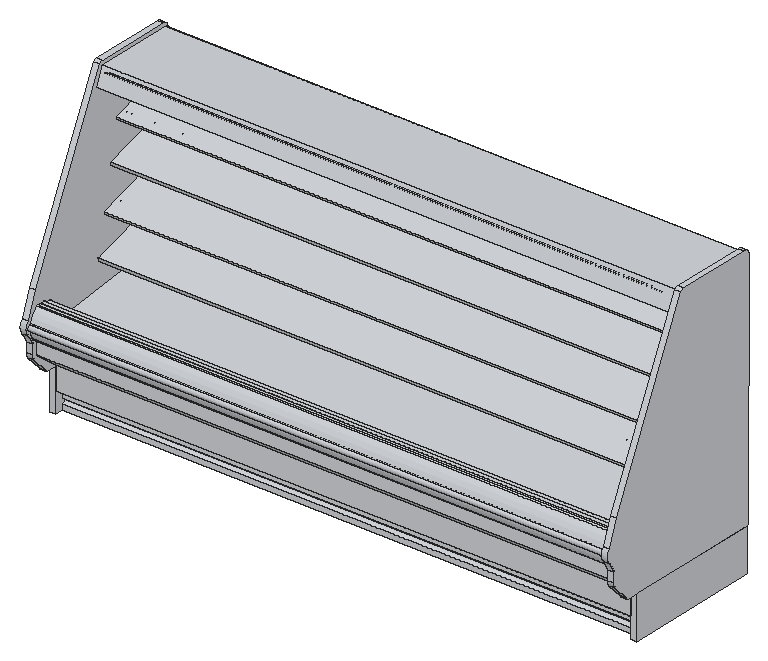
Revit family "O5UM-NRG", category Mechanical Equipment, Revit 2019 (continued)
Automatic sketch dimensions
  Extrusion 5 sketch curve to Extrusion 5 sketch curve = 0.35297"
  Extrusion 5 sketch curve to Extrusion 5 sketch curve = 0.14533"
  Extrusion 5 sketch curve to Extrusion 5 sketch curve = 0.19715"
  Extrusion 5 sketch curve to Extrusion 5 sketch curve = 0.02109"
  Extrusion 5 sketch curve to Extrusion 5 sketch curve = 3.10115"
  Extrusion 5 sketch curve to Extrusion 5 sketch curve = 0.31305"
  Extrusion 5 sketch curve to Extrusion 5 sketch curve = 0.02957"
  Extrusion 5 sketch curve to Extrusion 5 sketch curve = 0.11219"
  Extrusion 5 sketch curve to Extrusion 5 sketch curve = 0.33435"
  Extrusion 5 sketch curve to Extrusion 5 sketch curve = 0.99269"
  Extrusion 5 sketch curve to Extrusion 5 sketch curve = 3.4183"
  Extrusion 5 sketch curve to Extrusion 5 sketch curve = 0.24534"
  Extrusion 1 sketch curve to Extrusion 1 sketch curve = 6.05141"
  Extrusion 1 sketch curve to Extrusion 1 sketch curve = 6"
  Extrusion 1 sketch curve to Extrusion 1 sketch curve = 2.10699"
  Extrusion 1 sketch curve to Extrusion 1 sketch curve = 1.9528"
  Extrusion 1 sketch curve to Extrusion 1 sketch curve = 2 3/8"
  Extrusion 1 sketch curve to Extrusion 1 sketch curve = 17.26692"
  Extrusion 1 sketch curve to Extrusion 1 sketch curve = 6.0326"
  Extrusion 1 sketch curve to Extrusion 1 sketch curve = 7.79031"
  Extrusion 1 sketch curve to Extrusion 1 sketch curve = 1.05988"
  Extrusion 1 sketch curve to Extrusion 1 sketch curve = 1.08251"
  Extrusion 1 sketch curve to Extrusion 1 sketch curve = 3.20816"
  Extrusion 1 sketch curve to Extrusion 1 sketch curve = 5.99634"
  Extrusion 1 sketch curve to Extrusion 1 sketch curve = 1.95525"
  Extrusion 1 sketch curve to Extrusion 1 sketch curve = 50.77134"
  Extrusion 2 sketch curve to Extrusion 2 sketch curve = 0.2094"
  Extrusion 2 sketch curve to Extrusion 2 sketch curve = 1.9528"
  Extrusion 2 sketch curve to Extrusion 2 sketch curve = 2 3/8"
  Extrusion 2 sketch curve to Extrusion 2 sketch curve = 17.26692"
  Extrusion 2 sketch curve to Extrusion 2 sketch curve = 0.03488"
  Extrusion 2 sketch curve to Extrusion 2 sketch curve = 2.06844"
  Extrusion 2 sketch curve to Extrusion 2 sketch curve = 0.29958"
  Extrusion 2 sketch curve to Extrusion 2 sketch curve = 1.08251"
  Extrusion 2 sketch curve to Extrusion 2 sketch curve = 0.62931"
  Extrusion 2 sketch curve to Extrusion 2 sketch curve = 5.99634"
  Extrusion 2 sketch curve to Extrusion 2 sketch curve = 1.41347"
  Extrusion 2 sketch curve to Extrusion 2 sketch curve = 1.95525"
  Extrusion 2 sketch curve to Extrusion 2 sketch curve = 3.43739"
  Extrusion 2 sketch curve to Extrusion 2 sketch curve = 0.22678"
  Extrusion 2 sketch curve to Extrusion 2 sketch curve = 44.77965"
  Extrusion 3 sketch curve to Extrusion 3 sketch curve = 1.37293"
  Extrusion 3 sketch curve to Extrusion 3 sketch curve = 0.835"
  Extrusion 3 sketch curve to Extrusion 3 sketch curve = 1.35027"
  Extrusion 3 sketch curve to Extrusion 3 sketch curve = 0.41933"
  Extrusion 3 sketch curve to Extrusion 3 sketch curve = 1.64182"
  Extrusion 3 sketch curve to Extrusion 3 sketch curve = 0.00754"
  Extrusion 3 sketch curve to Extrusion 3 sketch curve = 0.0414"
  Extrusion 4 sketch curve to Extrusion 4 sketch curve = 0.02246"
  Extrusion 5 sketch curve to Extrusion 5 sketch curve = 0.35038"
  Extrusion 5 sketch curve to Extrusion 5 sketch curve = 1.76994"
  Extrusion 5 sketch curve to Extrusion 5 sketch curve = 4.54875"
  Extrusion 5 sketch curve to Extrusion 5 sketch curve = 0.0455"
  Extrusion 5 sketch curve to Extrusion 5 sketch curve = 1.9677"
  Extrusion 5 sketch curve to Extrusion 5 sketch curve = 3.12512"
  Extrusion 5 sketch curve to Extrusion 5 sketch curve = 0.12551"
  Extrusion 5 sketch curve to Extrusion 5 sketch curve = 0.0276"
  Extrusion 5 sketch curve to Extrusion 5 sketch curve = 0.05543"
  Extrusion 5 sketch curve to Extrusion 5 sketch curve = 221/256"
  Extrusion 5 sketch curve to Extrusion 5 sketch curve = 0.18385"
  Extrusion 5 sketch curve to Extrusion 5 sketch curve = 1.37445"
  Extrusion 5 sketch curve to Extrusion 5 sketch curve = 0.06341"
  Extrusion 5 sketch curve to Extrusion 5 sketch curve = 0.03162"
  Extrusion 5 sketch curve to Extrusion 5 sketch curve = 1.7963"
  Extrusion 7 sketch curve to Extrusion 7 sketch curve = 0"
  Extrusion 7 sketch curve to Extrusion 7 sketch curve = 1"
  Sweep 8 sketch curve to Sweep 8 sketch curve = 1 1/2"
  profile plane to Sweep 8 sketch curve = 4.83765"
  Sweep 8 sketch curve to Sweep 8 sketch curve = 3.94515"
  Sweep 8 sketch curve to Sweep 8 sketch curve = 0.88641"
  Sweep 8 sketch curve to Sweep 8 sketch curve = 4.07095"
  Sweep 8 sketch curve to Sweep 8 sketch curve = 5.88865"
  Sweep 9 sketch curve to Sweep 9 sketch curve = 1 1/2"
  profile plane to Sweep 9 sketch curve = 4.83765"
  Sweep 9 sketch curve to Sweep 9 sketch curve = 0.32955"
  Sweep 9 sketch curve to Sweep 9 sketch curve = 3.94515"
  Sweep 9 sketch curve to Sweep 9 sketch curve = 4.07095"
  Sweep 9 sketch curve to Sweep 9 sketch curve = 5.88865"
  Extrusion 10 sketch curve to Extrusion 10 sketch curve = 3.68643"
  Extrusion 10 sketch curve to Extrusion 10 sketch curve = 0.92161"
  Extrusion 11 sketch curve to Extrusion 11 sketch curve = 4.24595"
  Extrusion 11 sketch curve to Extrusion 11 sketch curve = 2.33334"
  Extrusion 11 sketch curve to Extrusion 11 sketch curve = 0.42073"
  Extrusion 12 sketch curve to Extrusion 12 sketch curve = 28.11677"
  Extrusion 12 sketch curve to Extrusion 12 sketch curve = 1.75613"
  Extrusion 12 sketch curve to Extrusion 12 sketch curve = 9.18575"
  Extrusion 13 sketch curve to Extrusion 13 sketch curve = 0.70168"
  Extrusion 13 sketch curve to Extrusion 13 sketch curve = 0.37174"
  Extrusion 13 sketch curve to Extrusion 13 sketch curve = 0.1785"
  Extrusion 13 sketch curve to Extrusion 13 sketch curve = 5.83602"
  Sweep 14 sketch curve to Sweep 14 sketch curve = 1 1/2"
  Sweep 14 sketch curve to profile plane = 5.87453"
  profile plane to Sweep 14 sketch curve = 4.81297"
  Sweep 15 sketch curve to Sweep 15 sketch curve = 1 1/2"
  Sweep 15 sketch curve to profile plane = 5.87453"
  profile plane to Sweep 15 sketch curve = 4.81297"
  Extrusion 17 sketch curve to Extrusion 17 sketch curve = 1.949"
  Extrusion 17 sketch curve to Extrusion 17 sketch curve = 0.08402"
  Extrusion 17 sketch curve to Extrusion 17 sketch curve = 0.32425"
  Extrusion 17 sketch curve to Extrusion 17 sketch curve = 0.5189"
  Extrusion 17 sketch curve to Extrusion 17 sketch curve = 0.07691"
  Extrusion 17 sketch curve to Extrusion 17 sketch curve = 1.67492"
  Extrusion 17 sketch curve to Extrusion 17 sketch curve = 0.217"
  Extrusion 17 sketch curve to Extrusion 17 sketch curve = 0.18427"
  Extrusion 17 sketch curve to Extrusion 17 sketch curve = 0.00293"
  Extrusion 17 sketch curve to Extrusion 17 sketch curve = 0.29958"
  Extrusion 17 sketch curve to Extrusion 17 sketch curve = 0.00269"
  Extrusion 17 sketch curve to Extrusion 17 sketch curve = 1.21671"
  Extrusion 17 sketch curve to Extrusion 17 sketch curve = 3.43727"
  Extrusion 18 sketch curve to Extrusion 18 sketch curve = 0.79094"
  Extrusion 18 sketch curve to Extrusion 18 sketch curve = 0.835"
  Extrusion 18 sketch curve to Extrusion 18 sketch curve = 1/8"
  Extrusion 18 sketch curve to Extrusion 18 sketch curve = 1.70646"
  Extrusion 18 sketch curve to Extrusion 18 sketch curve = 2.18752"
  Extrusion 18 sketch curve to Extrusion 18 sketch curve = 1.72413"
  Extrusion 18 sketch curve to Extrusion 18 sketch curve = 2.08835"
  Extrusion 18 sketch curve to Extrusion 18 sketch curve = 0.08402"
  Extrusion 18 sketch curve to Extrusion 18 sketch curve = 0.32425"
  Extrusion 18 sketch curve to Extrusion 18 sketch curve = 0.5189"
  Extrusion 18 sketch curve to Extrusion 18 sketch curve = 0.07691"
  Extrusion 18 sketch curve to Extrusion 18 sketch curve = 1.67492"
  Extrusion 18 sketch curve to Extrusion 18 sketch curve = 0.217"
  Extrusion 18 sketch curve to Extrusion 18 sketch curve = 0.23684"
  Extrusion 18 sketch curve to Extrusion 18 sketch curve = 0.01915"
  Extrusion 18 sketch curve to Extrusion 18 sketch curve = 3.22732"
  Extrusion 18 sketch curve to Extrusion 18 sketch curve = 1/2"
  Extrusion 18 sketch curve to Extrusion 18 sketch curve = 0.00269"
  Extrusion 18 sketch curve to Extrusion 18 sketch curve = 0.00293"
  Extrusion 18 sketch curve to Extrusion 18 sketch curve = 0.1872"
  Extrusion 18 sketch curve to Extrusion 18 sketch curve = 1.21671"
  Extrusion 18 sketch curve to Extrusion 18 sketch curve = 4.84973"
  Extrusion 18 sketch curve to Extrusion 18 sketch curve = 0.43502"
  Extrusion 19 sketch curve to Extrusion 19 sketch curve = 0.74987"
  Extrusion 19 sketch curve to Extrusion 19 sketch curve = 1.15806"
  Extrusion 19 sketch curve to Extrusion 19 sketch curve = 1.65432"
  Extrusion 19 sketch curve to Extrusion 19 sketch curve = 1.84224"
  Extrusion 19 sketch curve to Extrusion 19 sketch curve = 0.24774"
  Extrusion 19 sketch curve to Extrusion 19 sketch curve = 1.37212"
  Extrusion 19 sketch curve to Extrusion 19 sketch curve = 3.3053"
  Extrusion 19 sketch curve to Extrusion 19 sketch curve = 5/8"
  Extrusion 19 sketch curve to Extrusion 19 sketch curve = 0"
  Extrusion 20 sketch curve to Extrusion 20 sketch curve = 0.04493"
  Extrusion 20 sketch curve to Extrusion 20 sketch curve = 0"
  Extrusion 20 sketch curve to Extrusion 20 sketch curve = 0.68233"
  profile plane to Sweep 24 sketch curve = 59.59691"
  Sweep 24 sketch curve to Sweep 24 sketch curve = 4.56283"
  Sweep 24 sketch curve to Sweep 24 sketch curve = 5.80121"
  Sweep 24 sketch curve to Sweep 24 sketch curve = 0.5161"
  Sweep 24 sketch curve to Sweep 24 sketch curve = 1.8294"
  Sweep 24 sketch curve to Sweep 24 sketch curve = 2.44222"
  Sweep 24 sketch curve to Sweep 24 sketch curve = 2"
  Sweep 24 sketch curve to Sweep 24 sketch curve = 3.56498"
  Sweep 24 sketch curve to Sweep 24 sketch curve = 0.74195"
  profile plane to Sweep 24 sketch curve = 32.57283"
  Sweep 24 sketch curve to Sweep 24 sketch curve = 0.81169"
  profile plane to Sweep 24 sketch curve = 12.58377"  (x2)
  Sweep 24 sketch curve to Sweep 24 sketch curve = 1"
  Sweep 24 sketch curve to Sweep 24 sketch curve = 0.32955"
  Sweep 24 sketch curve to Sweep 24 sketch curve = 2.41807"
  Sweep 24 sketch curve to Sweep 24 sketch curve = 1.7039"
  Sweep 24 sketch curve to Sweep 24 sketch curve = 41.33389"
  Sweep 24 sketch curve to Sweep 24 sketch curve = 0.89989"
  Sweep 25 sketch curve to profile plane = 11.58377"
  Sweep 25 sketch curve to Sweep 25 sketch curve = 1"  (x2)
  Sweep 25 sketch curve to Sweep 25 sketch curve = 19.17737"
  Sweep 25 sketch curve to Sweep 25 sketch curve = 0.81169"
  Sweep 25 sketch curve to Sweep 25 sketch curve = 36.38891"
  Sweep 25 sketch curve to Sweep 25 sketch curve = 0.74195"
  Sweep 25 sketch curve to Sweep 25 sketch curve = 2.82303"
  Sweep 25 sketch curve to Sweep 25 sketch curve = 0.79616"
  Sweep 25 sketch curve to Sweep 25 sketch curve = 1.40897"
  Sweep 25 sketch curve to Sweep 25 sketch curve = 1.4839"
  Sweep 25 sketch curve to Sweep 25 sketch curve = 2"
  Sweep 25 sketch curve to Sweep 25 sketch curve = 1.8294"
  Sweep 25 sketch curve to Sweep 25 sketch curve = 5.80121"
  Sweep 25 sketch curve to Sweep 25 sketch curve = 0.88641"
  Sweep 25 sketch curve to Sweep 25 sketch curve = 2.41807"
  Sweep 25 sketch curve to Sweep 25 sketch curve = 1.7039"
  Sweep 25 sketch curve to Sweep 25 sketch curve = 41.33389"
  Sweep 25 sketch curve to Sweep 25 sketch curve = 0.89989"
  Extrusion 26 sketch curve to Extrusion 26 sketch curve = 0.38812"
  Extrusion 27 sketch curve to Extrusion 27 sketch curve = 0.16373"  (x4)
  Extrusion 27 sketch curve to Extrusion 27 sketch curve = 2.16961"
  Extrusion 27 sketch curve to Extrusion 27 sketch curve = 4.08222"
  Extrusion 27 sketch curve to Extrusion 27 sketch curve = 5.99483"
  Extrusion 27 sketch curve to Extrusion 27 sketch curve = 0.09566"  (x4)
  Extrusion 27 sketch curve to Extrusion 27 sketch curve = 2.22348"
  Extrusion 27 sketch curve to Extrusion 27 sketch curve = 7.39041"  (x3)
  Extrusion 27 sketch curve to Extrusion 27 sketch curve = 5.42394"
  Extrusion 27 sketch curve to Extrusion 27 sketch curve = 0.4279"  (x4)
  Extrusion 27 sketch curve to Extrusion 27 sketch curve = 1.36355"  (x4)
  Extrusion 27 sketch curve to Extrusion 27 sketch curve = 0.8384"  (x4)
  Extrusion 27 sketch curve to Extrusion 27 sketch curve = 0.37426"  (x4)
  Extrusion 27 sketch curve to Extrusion 27 sketch curve = 0.68285"  (x4)
  Extrusion 27 sketch curve to Extrusion 27 sketch curve = 0.68406"  (x3)
  Extrusion 27 sketch curve to Extrusion 27 sketch curve = 0.99264"
  Extrusion 27 sketch curve to Extrusion 27 sketch curve = 0.53553"  (x4)
  Extrusion 27 sketch curve to Extrusion 27 sketch curve = 5.25703"
  Extrusion 27 sketch curve to Extrusion 27 sketch curve = 0.1124"  (x4)
  Extrusion 27 sketch curve to Extrusion 27 sketch curve = 1.95607"  (x4)
  Extrusion 27 sketch curve to Extrusion 27 sketch curve = 0.02387"  (x4)
  Extrusion 27 sketch curve to Extrusion 27 sketch curve = 0.22192"  (x4)
  Extrusion 27 sketch curve to Extrusion 27 sketch curve = 0.33837"  (x4)
  Extrusion 27 sketch curve to Extrusion 27 sketch curve = 3.84963"
  Extrusion 27 sketch curve to Extrusion 27 sketch curve = 7.8586"
  Extrusion 27 sketch curve to Extrusion 27 sketch curve = 4.32601"
  Extrusion 27 sketch curve to Extrusion 27 sketch curve = 8.91973"
  Extrusion 27 sketch curve to Extrusion 27 sketch curve = 3.62941"
  Extrusion 27 sketch curve to Extrusion 27 sketch curve = 1.21304"
  Extrusion 28 sketch curve to Extrusion 28 sketch curve = 1.37711"
  Extrusion 28 sketch curve to Extrusion 28 sketch curve = 1.81425"  (x2)
  Extrusion 32 sketch curve to Extrusion 32 sketch curve = 1.67806"
  Extrusion 32 sketch curve to Extrusion 32 sketch curve = 0.77449"
  Extrusion 29 sketch curve to Extrusion 29 sketch curve = 0.03225"
  Extrusion 29 sketch curve to Extrusion 29 sketch curve = 0.31679"
  Extrusion 29 sketch curve to Extrusion 29 sketch curve = 0.31793"
  Extrusion 29 sketch curve to Extrusion 29 sketch curve = 0.35018"
  Extrusion 29 sketch curve to Extrusion 29 sketch curve = 0.09392"
  Extrusion 29 sketch curve to Extrusion 29 sketch curve = 0.1555"
  Extrusion 29 sketch curve to Extrusion 29 sketch curve = 0.60838"
  Extrusion 29 sketch curve to Extrusion 29 sketch curve = 0.55746"
  Extrusion 29 sketch curve to Extrusion 29 sketch curve = 0.87995"
  Extrusion 29 sketch curve to Extrusion 29 sketch curve = 0.82956"
  Extrusion 29 sketch curve to Extrusion 29 sketch curve = 1.21954"
  Extrusion 29 sketch curve to Extrusion 29 sketch curve = 213/256"
  Extrusion 29 sketch curve to Extrusion 29 sketch curve = 0.99043"
  Extrusion 29 sketch curve to Extrusion 29 sketch curve = 0.36644"
  Extrusion 29 sketch curve to Extrusion 29 sketch curve = 0.70247"
  Extrusion 29 sketch curve to Extrusion 29 sketch curve = 1.34585"
  Extrusion 29 sketch curve to Extrusion 29 sketch curve = 1.65792"
  profile plane to Sweep 30 sketch curve = 3.4987"
  Sweep 30 sketch curve to profile plane = 30.9133"
  profile plane to Sweep 31 sketch curve = 30.9133"
  Sweep 31 sketch curve to profile plane = 3.4987"
  Extrusion 21 sketch curve to Extrusion 21 sketch curve = 0.031"
  Extrusion 21 sketch curve to Extrusion 21 sketch curve = 2.06844"
  Extrusion 21 sketch curve to Extrusion 21 sketch curve = 7.08888"
  Extrusion 21 sketch curve to Extrusion 21 sketch curve = 0.11017"
  Extrusion 21 sketch curve to Extrusion 21 sketch curve = 0.35297"
  Extrusion 21 sketch curve to Extrusion 21 sketch curve = 0.14533"
  Extrusion 21 sketch curve to Extrusion 21 sketch curve = 0.19715"
  Extrusion 21 sketch curve to Extrusion 21 sketch curve = 0.02109"
  Extrusion 21 sketch curve to Extrusion 21 sketch curve = 3.10115"
  Extrusion 21 sketch curve to Extrusion 21 sketch curve = 0.31305"
  Extrusion 21 sketch curve to Extrusion 21 sketch curve = 0.02957"
  Extrusion 21 sketch curve to Extrusion 21 sketch curve = 0.11219"
  Extrusion 21 sketch curve to Extrusion 21 sketch curve = 0.33435"
  Extrusion 21 sketch curve to Extrusion 21 sketch curve = 0.99269"
  Extrusion 21 sketch curve to Extrusion 21 sketch curve = 3.4183"
  Extrusion 21 sketch curve to Extrusion 21 sketch curve = 0.24534"
  Extrusion 17 sketch curve to Extrusion 17 sketch curve = 6.05141"
  Extrusion 17 sketch curve to Extrusion 17 sketch curve = 6"
  Extrusion 17 sketch curve to Extrusion 17 sketch curve = 2.10699"
  Extrusion 17 sketch curve to Extrusion 17 sketch curve = 1.9528"
  Extrusion 17 sketch curve to Extrusion 17 sketch curve = 2 3/8"
  Extrusion 17 sketch curve to Extrusion 17 sketch curve = 17.26692"
  Extrusion 17 sketch curve to Extrusion 17 sketch curve = 6.0326"
  Extrusion 17 sketch curve to Extrusion 17 sketch curve = 7.79031"
  Extrusion 17 sketch curve to Extrusion 17 sketch curve = 1.05988"
  Extrusion 17 sketch curve to Extrusion 17 sketch curve = 1.08251"
  Extrusion 17 sketch curve to Extrusion 17 sketch curve = 3.20816"
  Extrusion 17 sketch curve to Extrusion 17 sketch curve = 5.99634"
  Extrusion 17 sketch curve to Extrusion 17 sketch curve = 1.95525"
  Extrusion 17 sketch curve to Extrusion 17 sketch curve = 50.77134"
  Extrusion 18 sketch curve to Extrusion 18 sketch curve = 0.2094"
  Extrusion 18 sketch curve to Extrusion 18 sketch curve = 1.9528"
  Extrusion 18 sketch curve to Extrusion 18 sketch curve = 2 3/8"
  Extrusion 18 sketch curve to Extrusion 18 sketch curve = 17.26692"
  Extrusion 18 sketch curve to Extrusion 18 sketch curve = 0.03488"
  Extrusion 18 sketch curve to Extrusion 18 sketch curve = 2.06844"
  Extrusion 18 sketch curve to Extrusion 18 sketch curve = 0.29958"
  Extrusion 18 sketch curve to Extrusion 18 sketch curve = 1.08251"
  Extrusion 18 sketch curve to Extrusion 18 sketch curve = 0.62931"
  Extrusion 18 sketch curve to Extrusion 18 sketch curve = 5.99634"
  Extrusion 18 sketch curve to Extrusion 18 sketch curve = 1.41347"
  Extrusion 18 sketch curve to Extrusion 18 sketch curve = 1.95525"
  Extrusion 18 sketch curve to Extrusion 18 sketch curve = 3.43739"
  Extrusion 18 sketch curve to Extrusion 18 sketch curve = 0.22678"
  Extrusion 18 sketch curve to Extrusion 18 sketch curve = 44.77965"
  Extrusion 19 sketch curve to Extrusion 19 sketch curve = 1.37293"
  Extrusion 19 sketch curve to Extrusion 19 sketch curve = 0.835"
  Extrusion 19 sketch curve to Extrusion 19 sketch curve = 1.35027"
  Extrusion 19 sketch curve to Extrusion 19 sketch curve = 0.41933"
  Extrusion 19 sketch curve to Extrusion 19 sketch curve = 1.64182"
  Extrusion 19 sketch curve to Extrusion 19 sketch curve = 0.00754"
  Extrusion 19 sketch curve to Extrusion 19 sketch curve = 0.0414"
  Extrusion 20 sketch curve to Extrusion 20 sketch curve = 0.02246"
  Extrusion 21 sketch curve to Extrusion 21 sketch curve = 0.35038"
  Extrusion 21 sketch curve to Extrusion 21 sketch curve = 1.76994"
  Extrusion 21 sketch curve to Extrusion 21 sketch curve = 4.54875"
  Extrusion 21 sketch curve to Extrusion 21 sketch curve = 0.0455"
  Extrusion 21 sketch curve to Extrusion 21 sketch curve = 1.9677"
  Extrusion 21 sketch curve to Extrusion 21 sketch curve = 3.12512"
  Extrusion 21 sketch curve to Extrusion 21 sketch curve = 0.12551"
  Extrusion 21 sketch curve to Extrusion 21 sketch curve = 0.0276"
  Extrusion 21 sketch curve to Extrusion 21 sketch curve = 0.05543"
  Extrusion 21 sketch curve to Extrusion 21 sketch curve = 221/256"
  Extrusion 21 sketch curve to Extrusion 21 sketch curve = 0.18385"
  Extrusion 21 sketch curve to Extrusion 21 sketch curve = 1.37445"
  Extrusion 21 sketch curve to Extrusion 21 sketch curve = 0.06341"
  Extrusion 21 sketch curve to Extrusion 21 sketch curve = 0.03162"
  Extrusion 21 sketch curve to Extrusion 21 sketch curve = 1.7963"
  Extrusion 23 sketch curve to Extrusion 23 sketch curve = 0"
  Extrusion 23 sketch curve to Extrusion 23 sketch curve = 1"
  Sweep 24 sketch curve to Sweep 24 sketch curve = 1 1/2"
  profile plane to Sweep 24 sketch curve = 4.83765"
  Sweep 24 sketch curve to Sweep 24 sketch curve = 3.94515"
  Sweep 24 sketch curve to Sweep 24 sketch curve = 0.88641"
  Sweep 24 sketch curve to Sweep 24 sketch curve = 4.07095"
  Sweep 24 sketch curve to Sweep 24 sketch curve = 5.88865"
  Sweep 25 sketch curve to Sweep 25 sketch curve = 1 1/2"
  profile plane to Sweep 25 sketch curve = 4.83765"
  Sweep 25 sketch curve to Sweep 25 sketch curve = 0.32955"
  Sweep 25 sketch curve to Sweep 25 sketch curve = 3.94515"
  Sweep 25 sketch curve to Sweep 25 sketch curve = 4.07095"
  Sweep 25 sketch curve to Sweep 25 sketch curve = 5.88865"
  Extrusion 26 sketch curve to Extrusion 26 sketch curve = 3.68643"
  Extrusion 26 sketch curve to Extrusion 26 sketch curve = 0.92161"
  Extrusion 27 sketch curve to Extrusion 27 sketch curve = 4.24595"
  Extrusion 27 sketch curve to Extrusion 27 sketch curve = 2.33334"
  Extrusion 27 sketch curve to Extrusion 27 sketch curve = 0.42073"
  Extrusion 28 sketch curve to Extrusion 28 sketch curve = 28.11677"
  Extrusion 28 sketch curve to Extrusion 28 sketch curve = 1.75613"
  Extrusion 28 sketch curve to Extrusion 28 sketch curve = 9.18575"
  Extrusion 29 sketch curve to Extrusion 29 sketch curve = 0.70168"
  Extrusion 29 sketch curve to Extrusion 29 sketch curve = 0.37174"
  Extrusion 29 sketch curve to Extrusion 29 sketch curve = 0.1785"
  Extrusion 29 sketch curve to Extrusion 29 sketch curve = 5.83602"
  Sweep 30 sketch curve to Sweep 30 sketch curve = 1 1/2"
  Sweep 30 sketch curve to profile plane = 5.87453"
  profile plane to Sweep 30 sketch curve = 4.81297"
  Sweep 31 sketch curve to Sweep 31 sketch curve = 1 1/2"
  Sweep 31 sketch curve to profile plane = 5.87453"
  profile plane to Sweep 31 sketch curve = 4.81297"
  Extrusion 33 sketch curve to Extrusion 33 sketch curve = 1.949"
  Extrusion 33 sketch curve to Extrusion 33 sketch curve = 0.08402"
  Extrusion 33 sketch curve to Extrusion 33 sketch curve = 0.32425"
  Extrusion 33 sketch curve to Extrusion 33 sketch curve = 0.5189"
  Extrusion 33 sketch curve to Extrusion 33 sketch curve = 0.07691"
  Extrusion 33 sketch curve to Extrusion 33 sketch curve = 1.67492"
  Extrusion 33 sketch curve to Extrusion 33 sketch curve = 0.217"
  Extrusion 33 sketch curve to Extrusion 33 sketch curve = 0.18427"
  Extrusion 33 sketch curve to Extrusion 33 sketch curve = 0.00293"
  Extrusion 33 sketch curve to Extrusion 33 sketch curve = 0.29958"
  Extrusion 33 sketch curve to Extrusion 33 sketch curve = 0.00269"
  Extrusion 33 sketch curve to Extrusion 33 sketch curve = 1.21671"
  Extrusion 33 sketch curve to Extrusion 33 sketch curve = 3.43727"
  Extrusion 34 sketch curve to Extrusion 34 sketch curve = 0.79094"
  Extrusion 34 sketch curve to Extrusion 34 sketch curve = 0.835"
  Extrusion 34 sketch curve to Extrusion 34 sketch curve = 1/8"
  Extrusion 34 sketch curve to Extrusion 34 sketch curve = 1.70646"
  Extrusion 34 sketch curve to Extrusion 34 sketch curve = 2.18752"
  Extrusion 34 sketch curve to Extrusion 34 sketch curve = 1.72413"
  Extrusion 34 sketch curve to Extrusion 34 sketch curve = 2.08835"
  Extrusion 34 sketch curve to Extrusion 34 sketch curve = 0.08402"
  Extrusion 34 sketch curve to Extrusion 34 sketch curve = 0.32425"
  Extrusion 34 sketch curve to Extrusion 34 sketch curve = 0.5189"
  Extrusion 34 sketch curve to Extrusion 34 sketch curve = 0.07691"
  Extrusion 34 sketch curve to Extrusion 34 sketch curve = 1.67492"
  Extrusion 34 sketch curve to Extrusion 34 sketch curve = 0.217"
  Extrusion 34 sketch curve to Extrusion 34 sketch curve = 0.23684"
  Extrusion 34 sketch curve to Extrusion 34 sketch curve = 0.01915"
  Extrusion 34 sketch curve to Extrusion 34 sketch curve = 3.22732"
  Extrusion 34 sketch curve to Extrusion 34 sketch curve = 1/2"
  Extrusion 34 sketch curve to Extrusion 34 sketch curve = 0.00269"
  Extrusion 34 sketch curve to Extrusion 34 sketch curve = 0.00293"
  Extrusion 34 sketch curve to Extrusion 34 sketch curve = 0.1872"
  Extrusion 34 sketch curve to Extrusion 34 sketch curve = 1.21671"
  Extrusion 34 sketch curve to Extrusion 34 sketch curve = 4.84973"
  Extrusion 34 sketch curve to Extrusion 34 sketch curve = 0.43502"
  Extrusion 35 sketch curve to Extrusion 35 sketch curve = 0.74987"
  Extrusion 35 sketch curve to Extrusion 35 sketch curve = 1.15806"
  Extrusion 35 sketch curve to Extrusion 35 sketch curve = 1.65432"
  Extrusion 35 sketch curve to Extrusion 35 sketch curve = 1.84224"
  Extrusion 35 sketch curve to Extrusion 35 sketch curve = 0.24774"
  Extrusion 35 sketch curve to Extrusion 35 sketch curve = 1.37212"
  Extrusion 35 sketch curve to Extrusion 35 sketch curve = 3.3053"
  Extrusion 35 sketch curve to Extrusion 35 sketch curve = 5/8"
  Extrusion 35 sketch curve to Extrusion 35 sketch curve = 0"
  Extrusion 36 sketch curve to Extrusion 36 sketch curve = 0.04493"
  Extrusion 36 sketch curve to Extrusion 36 sketch curve = 0"
  Extrusion 36 sketch curve to Extrusion 36 sketch curve = 0.68233"
  profile plane to Sweep 40 sketch curve = 59.59691"
  Sweep 40 sketch curve to Sweep 40 sketch curve = 4.56283"
  Sweep 40 sketch curve to Sweep 40 sketch curve = 5.80121"
  Sweep 40 sketch curve to Sweep 40 sketch curve = 0.5161"
  Sweep 40 sketch curve to Sweep 40 sketch curve = 1.8294"
  Sweep 40 sketch curve to Sweep 40 sketch curve = 2.44222"
  Sweep 40 sketch curve to Sweep 40 sketch curve = 2"
  Sweep 40 sketch curve to Sweep 40 sketch curve = 3.56498"
  Sweep 40 sketch curve to Sweep 40 sketch curve = 0.74195"
  profile plane to Sweep 40 sketch curve = 32.57283"
  Sweep 40 sketch curve to Sweep 40 sketch curve = 0.81169"
  profile plane to Sweep 40 sketch curve = 12.58377"  (x2)
  Sweep 40 sketch curve to Sweep 40 sketch curve = 1"
  Sweep 40 sketch curve to Sweep 40 sketch curve = 0.32955"
  Sweep 40 sketch curve to Sweep 40 sketch curve = 2.41807"
  Sweep 40 sketch curve to Sweep 40 sketch curve = 1.7039"
  Sweep 40 sketch curve to Sweep 40 sketch curve = 41.33389"
  Sweep 40 sketch curve to Sweep 40 sketch curve = 0.89989"
  Sweep 41 sketch curve to profile plane = 11.58377"
  Sweep 41 sketch curve to Sweep 41 sketch curve = 1"  (x2)
  Sweep 41 sketch curve to Sweep 41 sketch curve = 19.17737"
  Sweep 41 sketch curve to Sweep 41 sketch curve = 0.81169"
  Sweep 41 sketch curve to Sweep 41 sketch curve = 36.38891"
  Sweep 41 sketch curve to Sweep 41 sketch curve = 0.74195"
  Sweep 41 sketch curve to Sweep 41 sketch curve = 2.82303"
  Sweep 41 sketch curve to Sweep 41 sketch curve = 0.79616"
  Sweep 41 sketch curve to Sweep 41 sketch curve = 1.40897"
  Sweep 41 sketch curve to Sweep 41 sketch curve = 1.4839"
  Sweep 41 sketch curve to Sweep 41 sketch curve = 2"
  Sweep 41 sketch curve to Sweep 41 sketch curve = 1.8294"
  Sweep 41 sketch curve to Sweep 41 sketch curve = 5.80121"
  Sweep 41 sketch curve to Sweep 41 sketch curve = 0.88641"
  Sweep 41 sketch curve to Sweep 41 sketch curve = 2.41807"
  Sweep 41 sketch curve to Sweep 41 sketch curve = 1.7039"
  Sweep 41 sketch curve to Sweep 41 sketch curve = 41.33389"
  Sweep 41 sketch curve to Sweep 41 sketch curve = 0.89989"
  Extrusion 42 sketch curve to Extrusion 42 sketch curve = 0.38812"
  Extrusion 43 sketch curve to Extrusion 43 sketch curve = 0.16373"  (x4)
  Extrusion 43 sketch curve to Extrusion 43 sketch curve = 2.16961"
  Extrusion 43 sketch curve to Extrusion 43 sketch curve = 4.08222"
  Extrusion 43 sketch curve to Extrusion 43 sketch curve = 5.99483"
  Extrusion 43 sketch curve to Extrusion 43 sketch curve = 0.09566"  (x4)
  Extrusion 43 sketch curve to Extrusion 43 sketch curve = 2.22348"
  Extrusion 43 sketch curve to Extrusion 43 sketch curve = 7.39041"  (x3)
  Extrusion 43 sketch curve to Extrusion 43 sketch curve = 5.42394"
  Extrusion 43 sketch curve to Extrusion 43 sketch curve = 0.4279"  (x4)
  Extrusion 43 sketch curve to Extrusion 43 sketch curve = 1.36355"  (x4)
  Extrusion 43 sketch curve to Extrusion 43 sketch curve = 0.8384"  (x4)
  Extrusion 43 sketch curve to Extrusion 43 sketch curve = 0.37426"  (x4)
  Extrusion 43 sketch curve to Extrusion 43 sketch curve = 0.68285"  (x4)
  Extrusion 43 sketch curve to Extrusion 43 sketch curve = 0.68406"  (x3)
  Extrusion 43 sketch curve to Extrusion 43 sketch curve = 0.99264"
  Extrusion 43 sketch curve to Extrusion 43 sketch curve = 0.53553"  (x4)
  Extrusion 43 sketch curve to Extrusion 43 sketch curve = 5.25703"
  Extrusion 43 sketch curve to Extrusion 43 sketch curve = 0.1124"  (x4)
  Extrusion 43 sketch curve to Extrusion 43 sketch curve = 1.95607"  (x4)
  Extrusion 43 sketch curve to Extrusion 43 sketch curve = 0.02387"  (x4)
  Extrusion 43 sketch curve to Extrusion 43 sketch curve = 0.22192"  (x4)
  Extrusion 43 sketch curve to Extrusion 43 sketch curve = 0.33837"  (x4)
  Extrusion 43 sketch curve to Extrusion 43 sketch curve = 3.84963"
  Extrusion 43 sketch curve to Extrusion 43 sketch curve = 7.8586"
  Extrusion 43 sketch curve to Extrusion 43 sketch curve = 4.32601"
  Extrusion 43 sketch curve to Extrusion 43 sketch curve = 8.91973"
  Extrusion 43 sketch curve to Extrusion 43 sketch curve = 3.62941"
  Extrusion 43 sketch curve to Extrusion 43 sketch curve = 1.21304"
  Extrusion 44 sketch curve to Extrusion 44 sketch curve = 1.37711"
  Extrusion 44 sketch curve to Extrusion 44 sketch curve = 1.81425"  (x2)
  Extrusion 48 sketch curve to Extrusion 48 sketch curve = 1.67806"
  Extrusion 48 sketch curve to Extrusion 48 sketch curve = 0.77449"
  Extrusion 45 sketch curve to Extrusion 45 sketch curve = 0.03225"
  Extrusion 45 sketch curve to Extrusion 45 sketch curve = 0.31679"
  Extrusion 45 sketch curve to Extrusion 45 sketch curve = 0.31793"
  Extrusion 45 sketch curve to Extrusion 45 sketch curve = 0.35018"
  Extrusion 45 sketch curve to Extrusion 45 sketch curve = 0.09392"
  Extrusion 45 sketch curve to Extrusion 45 sketch curve = 0.1555"
  Extrusion 45 sketch curve to Extrusion 45 sketch curve = 0.60838"
  Extrusion 45 sketch curve to Extrusion 45 sketch curve = 0.55746"
  Extrusion 45 sketch curve to Extrusion 45 sketch curve = 0.87995"
  Extrusion 45 sketch curve to Extrusion 45 sketch curve = 0.82956"
  Extrusion 45 sketch curve to Extrusion 45 sketch curve = 1.21954"
  Extrusion 45 sketch curve to Extrusion 45 sketch curve = 213/256"
  Extrusion 45 sketch curve to Extrusion 45 sketch curve = 0.99043"
  Extrusion 45 sketch curve to Extrusion 45 sketch curve = 0.36644"
  Extrusion 45 sketch curve to Extrusion 45 sketch curve = 0.70247"
  Extrusion 45 sketch curve to Extrusion 45 sketch curve = 1.34585"
  Extrusion 45 sketch curve to Extrusion 45 sketch curve = 1.65792"
  profile plane to Sweep 46 sketch curve = 3.4987"
  Sweep 46 sketch curve to profile plane = 30.9133"
  profile plane to Sweep 47 sketch curve = 30.9133"
  Sweep 47 sketch curve to profile plane = 3.4987"
  Extrusion 37 sketch curve to Extrusion 37 sketch curve = 0.031"
  Extrusion 37 sketch curve to Extrusion 37 sketch curve = 2.06844"
  Extrusion 37 sketch curve to Extrusion 37 sketch curve = 7.08888"
  Extrusion 37 sketch curve to Extrusion 37 sketch curve = 0.11017"
  Extrusion 37 sketch curve to Extrusion 37 sketch curve = 0.35297"
  Extrusion 37 sketch curve to Extrusion 37 sketch curve = 0.14533"
  Extrusion 37 sketch curve to Extrusion 37 sketch curve = 0.19715"
  Extrusion 37 sketch curve to Extrusion 37 sketch curve = 0.02109"
  Extrusion 37 sketch curve to Extrusion 37 sketch curve = 3.10115"
  Extrusion 37 sketch curve to Extrusion 37 sketch curve = 0.31305"
  Extrusion 37 sketch curve to Extrusion 37 sketch curve = 0.02957"
  Extrusion 37 sketch curve to Extrusion 37 sketch curve = 0.11219"
  Extrusion 37 sketch curve to Extrusion 37 sketch curve = 0.33435"
  Extrusion 37 sketch curve to Extrusion 37 sketch curve = 0.99269"
  Extrusion 37 sketch curve to Extrusion 37 sketch curve = 3.4183"
  Extrusion 37 sketch curve to Extrusion 37 sketch curve = 0.24534"
  Extrusion 33 sketch curve to Extrusion 33 sketch curve = 6.05141"
  Extrusion 33 sketch curve to Extrusion 33 sketch curve = 6"
  Extrusion 33 sketch curve to Extrusion 33 sketch curve = 2.10699"
  Extrusion 33 sketch curve to Extrusion 33 sketch curve = 1.9528"
  Extrusion 33 sketch curve to Extrusion 33 sketch curve = 2 3/8"
  Extrusion 33 sketch curve to Extrusion 33 sketch curve = 17.26692"
  Extrusion 33 sketch curve to Extrusion 33 sketch curve = 6.0326"
  Extrusion 33 sketch curve to Extrusion 33 sketch curve = 7.79031"
  Extrusion 33 sketch curve to Extrusion 33 sketch curve = 1.05988"
  Extrusion 33 sketch curve to Extrusion 33 sketch curve = 1.08251"
  Extrusion 33 sketch curve to Extrusion 33 sketch curve = 3.20816"
  Extrusion 33 sketch curve to Extrusion 33 sketch curve = 5.99634"
  Extrusion 33 sketch curve to Extrusion 33 sketch curve = 1.95525"
  Extrusion 33 sketch curve to Extrusion 33 sketch curve = 50.77134"
  Extrusion 34 sketch curve to Extrusion 34 sketch curve = 0.2094"
  Extrusion 34 sketch curve to Extrusion 34 sketch curve = 1.9528"
  Extrusion 34 sketch curve to Extrusion 34 sketch curve = 2 3/8"
  Extrusion 34 sketch curve to Extrusion 34 sketch curve = 17.26692"
  Extrusion 34 sketch curve to Extrusion 34 sketch curve = 0.03488"
  Extrusion 34 sketch curve to Extrusion 34 sketch curve = 2.06844"
  Extrusion 34 sketch curve to Extrusion 34 sketch curve = 0.29958"
  Extrusion 34 sketch curve to Extrusion 34 sketch curve = 1.08251"
  Extrusion 34 sketch curve to Extrusion 34 sketch curve = 0.62931"
  Extrusion 34 sketch curve to Extrusion 34 sketch curve = 5.99634"
  Extrusion 34 sketch curve to Extrusion 34 sketch curve = 1.41347"
  Extrusion 34 sketch curve to Extrusion 34 sketch curve = 1.95525"
  Extrusion 34 sketch curve to Extrusion 34 sketch curve = 3.43739"
  Extrusion 34 sketch curve to Extrusion 34 sketch curve = 0.22678"
  Extrusion 34 sketch curve to Extrusion 34 sketch curve = 44.77965"
  Extrusion 35 sketch curve to Extrusion 35 sketch curve = 1.37293"
  Extrusion 35 sketch curve to Extrusion 35 sketch curve = 0.835"
  Extrusion 35 sketch curve to Extrusion 35 sketch curve = 1.35027"
  Extrusion 35 sketch curve to Extrusion 35 sketch curve = 0.41933"
  Extrusion 35 sketch curve to Extrusion 35 sketch curve = 1.64182"
  Extrusion 35 sketch curve to Extrusion 35 sketch curve = 0.00754"
  Extrusion 35 sketch curve to Extrusion 35 sketch curve = 0.0414"
  Extrusion 36 sketch curve to Extrusion 36 sketch curve = 0.02246"
  Extrusion 37 sketch curve to Extrusion 37 sketch curve = 0.35038"
  Extrusion 37 sketch curve to Extrusion 37 sketch curve = 1.76994"
  Extrusion 37 sketch curve to Extrusion 37 sketch curve = 4.54875"
  Extrusion 37 sketch curve to Extrusion 37 sketch curve = 0.0455"
  Extrusion 37 sketch curve to Extrusion 37 sketch curve = 1.9677"
  Extrusion 37 sketch curve to Extrusion 37 sketch curve = 3.12512"
  Extrusion 37 sketch curve to Extrusion 37 sketch curve = 0.12551"
  Extrusion 37 sketch curve to Extrusion 37 sketch curve = 0.0276"
  Extrusion 37 sketch curve to Extrusion 37 sketch curve = 0.05543"
  Extrusion 37 sketch curve to Extrusion 37 sketch curve = 221/256"
  Extrusion 37 sketch curve to Extrusion 37 sketch curve = 0.18385"
  Extrusion 37 sketch curve to Extrusion 37 sketch curve = 1.37445"
  Extrusion 37 sketch curve to Extrusion 37 sketch curve = 0.06341"
  Extrusion 37 sketch curve to Extrusion 37 sketch curve = 0.03162"
  Extrusion 37 sketch curve to Extrusion 37 sketch curve = 1.7963"
  Extrusion 39 sketch curve to Extrusion 39 sketch curve = 0"
  Extrusion 39 sketch curve to Extrusion 39 sketch curve = 1"
  Sweep 40 sketch curve to Sweep 40 sketch curve = 1 1/2"
  profile plane to Sweep 40 sketch curve = 4.83765"
  Sweep 40 sketch curve to Sweep 40 sketch curve = 3.94515"
  Sweep 40 sketch curve to Sweep 40 sketch curve = 0.88641"
  Sweep 40 sketch curve to Sweep 40 sketch curve = 4.07095"
  Sweep 40 sketch curve to Sweep 40 sketch curve = 5.88865"
  Sweep 41 sketch curve to Sweep 41 sketch curve = 1 1/2"
  profile plane to Sweep 41 sketch curve = 4.83765"
  Sweep 41 sketch curve to Sweep 41 sketch curve = 0.32955"
  Sweep 41 sketch curve to Sweep 41 sketch curve = 3.94515"
  Sweep 41 sketch curve to Sweep 41 sketch curve = 4.07095"
  Sweep 41 sketch curve to Sweep 41 sketch curve = 5.88865"
  Extrusion 42 sketch curve to Extrusion 42 sketch curve = 3.68643"
  Extrusion 42 sketch curve to Extrusion 42 sketch curve = 0.92161"
  Extrusion 43 sketch curve to Extrusion 43 sketch curve = 4.24595"
  Extrusion 43 sketch curve to Extrusion 43 sketch curve = 2.33334"
  Extrusion 43 sketch curve to Extrusion 43 sketch curve = 0.42073"
  Extrusion 44 sketch curve to Extrusion 44 sketch curve = 28.11677"
  Extrusion 44 sketch curve to Extrusion 44 sketch curve = 1.75613"
  Extrusion 44 sketch curve to Extrusion 44 sketch curve = 9.18575"
  Extrusion 45 sketch curve to Extrusion 45 sketch curve = 0.70168"
  Extrusion 45 sketch curve to Extrusion 45 sketch curve = 0.37174"
  Extrusion 45 sketch curve to Extrusion 45 sketch curve = 0.1785"
  Extrusion 45 sketch curve to Extrusion 45 sketch curve = 5.83602"
  Sweep 46 sketch curve to Sweep 46 sketch curve = 1 1/2"
  Sweep 46 sketch curve to profile plane = 5.87453"
  profile plane to Sweep 46 sketch curve = 4.81297"
  Sweep 47 sketch curve to Sweep 47 sketch curve = 1 1/2"
  Sweep 47 sketch curve to profile plane = 5.87453"
  profile plane to Sweep 47 sketch curve = 4.81297"
  curve 1 to plane 7 "FRONT" = 0.01391"
  curve 1 to plane 21 = 0.01627"
  curve 1 to curve 1 = 0.04705"
  Extrusion 1 sketch curve to plane 7 "FRONT" = 2.78658"
  plane 17 to Extrusion 1 sketch curve = 0.00047"
  Extrusion 2 sketch curve to plane 7 "FRONT" = 3.94464"
  plane 17 to Extrusion 2 sketch curve = 1.06035"
  plane 21 to Extrusion 3 sketch curve = 0.04507"
  Extrusion 3 sketch curve to plane 7 "FRONT" = 0.66379"
  plane 21 to Extrusion 4 sketch curve = 0.04623"
  Extrusion 4 sketch curve to plane 7 "FRONT" = 0.65167"
  Extrusion 5 sketch curve to plane 19 = 0"
  Extrusion 5 sketch curve to plane 4 "CASE BACK" = 0"
  plane 11 to Extrusion 6 sketch curve = 0"
  Extrusion 6 sketch curve to plane 18 = 0"
  plane 12 to Extrusion 7 sketch curve = 0"
  Extrusion 7 sketch curve to plane 18 = 0"
  Sweep 8 sketch curve to plane 3 "CASE RIGHT" = 0"
  Sweep 8 sketch curve to plane 4 "CASE BACK" = 12.16225"
  Sweep 9 sketch curve to plane 2 "LEFT" = 0"
  plane 4 "CASE BACK" to Sweep 9 sketch curve = 12.16225"
  Extrusion 10 sketch curve to plane 19 = 2.38062"
  Extrusion 10 sketch curve to plane 6 "CENTER(FRONT/BACK)" = 6.28425"
  Extrusion 11 sketch curve to plane 6 "CENTER(FRONT/BACK)" = 0.34437"
  plane 21 to Extrusion 11 sketch curve = 5.6794"
  Extrusion 12 sketch curve to level = 5.87453"
  Extrusion 13 sketch curve to level = 0.71055"
  Extrusion 13 sketch curve to plane 14 "Ref Plum" = 5.787"
  Sweep 14 sketch curve to plane 2 "LEFT" = 0"
  plane 4 "CASE BACK" to Sweep 14 sketch curve = 3.4987"
  Sweep 15 sketch curve to plane 3 "CASE RIGHT" = 0"
  Sweep 15 sketch curve to plane 4 "CASE BACK" = 3.4987"
  Extrusion 16 sketch curve to plane 6 "CENTER(FRONT/BACK)" = 2.84928"
  Extrusion 16 sketch curve to plane 19 = 2.70543"
  radius of Extrusion 16 sketch curve = 1/2"  (x2)
  radius of Extrusion 6 sketch curve = 1 1/4"
  radius of Extrusion 7 sketch curve = 7/16"
  radius of Extrusion 7 sketch curve = 3/16"
  radius of Extrusion 32 sketch curve = 1/2"  (x2)
  radius of Extrusion 22 sketch curve = 1 1/4"
  radius of Extrusion 23 sketch curve = 7/16"
  radius of Extrusion 23 sketch curve = 3/16"
  radius of Extrusion 48 sketch curve = 1/2"  (x2)
  radius of Extrusion 38 sketch curve = 1 1/4"
  radius of Extrusion 39 sketch curve = 7/16"
  radius of Extrusion 39 sketch curve = 3/16"
Connectors (in)
  piping at (140.5, -13.74044, 14.5), diameter 0.875, driven by "SUCTION LINE RADIUS"
    settings: on Extrusion 7, index 6, connector inside diameter 7/8", connector length 0", flow factor 0, pipe flow 0 GPM, pressure drop 0.00 psi, fitting loss kfactor 0, connector angle 0.000°, fixture units 0, engagement length 0", angle of deflection 0.000°, flow configuration 0, flow direction 2, fitting loss method 0, system type 22, joint type 0, gender type 0, connector reference index -1, connector utility 0, adjustable connector no, is connector primary yes, connector description "REAR SUCTION LINE CONNECTION"
  piping at (139.5, -13.74044, 14.5), diameter 0.375, driven by "LIQUID LINE RADIUS"
    settings: on Extrusion 7, index 7, connector inside diameter 3/8", connector length 0", flow factor 0, pipe flow 0 GPM, pressure drop 0.00 psi, fitting loss kfactor 0, connector angle 0.000°, fixture units 0, engagement length 0", angle of deflection 0.000°, flow configuration 0, flow direction 1, fitting loss method 0, system type 22, joint type 0, gender type 0, connector reference index -1, connector utility 0, adjustable connector no, is connector primary no, connector description "REAR LIQUID LINE CONNECTION"
Types (5): name | T8 LIGHTING BTU ADD PER ROW | T8 LIGHTING AMPS | Standard Power Watts | Standard Power Amps | SHELF LIGHT ROWS | REF PIPE LENGTH | PARALLEL EVAPORATOR LOAD | Number of Fans | Lights Per Row | Light Length | LIGHTING WATTAGE | LIGHT AMPS | TOTAL CASE WATTAGE | TOTAL CASE AMPS | TOTAL APPARENT FAN-LIGHT AND A/S LOAD | T8 LIGHTING WATTAGE | T8 LIGHTING AMPS PER ROW | SHELVE LENGTH | REF PLANE LEFT RIGHT | Model | LIGHTING APPARENT LOAD | LENGTH FOR BTU | LENGTH | LEGEND NUMBER | LED LIGHTING WATTAGE | LED LIGHTING BTU ADD PER ROW | LED LIGHTING AMPS PER ROW | LED LIGHTING AMPS | High Power (Cornice) Watts | High Power (Cornice) Amps | High Efficiency Watts | High Efficiency Amps | FAN WATTAGE | FAN QUANTITY | FAN APPARENT LOAD | FAN AND ANTI SWEAT HEATER APPARENT LOAD | FAN AMPS | DRAIN PIPE LENGTH | CONVENTIONAL EVAPORATOR LOAD | BTU ADD PER SHELF PER FOOT | BTU ADD FOR LIGHTS | SHELVE 2 | SHELVE 3 | 5" BF
  O5UM-NRG-12' | 92 | 2.1 A | 17.6 W | 0.15 A | 3 | 28 5/8" | 15312 | 3 | 3 | "4'" | 252 VA | 2.1 A | 294 W | 2.7 A | 294 VA | 252 W | 0.7 A | 48" | 72" | "O5UM-NRG-12'" | 252 VA | 12 | 144" | "O5UM-NRG-12'" | 108 W | 36 | 0.3 A | 0.9 A | 44.8 W | 0.37 A | 42 W | 0.6 A | 42 W | 3 | 72 VA | 72 VA | 0.6 A | 0" | 16404 | 92 | 3312 | yes | yes | yes
  O5UM-NRG-08' | 92 | 0.94 A | 11.8 W | 0.1 A | 2 | 28 5/8" | 9472 | 2 | 2 | "4'" | 112.8 VA | 0.94 A | 140.8 W | 1.34 A | 140.8 VA | 112.8 W | 0.47 A | 48" | 48" | "O5UM-NRG-8'" | 112.8 VA | 8 | 96" | "O5UM-NRG-8'" | 48 W | 36 | 0.2 A | 0.4 A | 29.9 W | 0.25 A | 28 W | 0.4 A | 28 W | 2 | 48 VA | 48 VA | 0.4 A | 0" | 10200 | 92 | 1472 | no | yes | yes
  O5UM-NRG-06' | 69 | 0.74 A | 9.4 W | 0.08 A | 2 | 28 5/8" | 6828 | 2 | 2 | "3'" | 88.8 VA | 0.74 A | 116.8 W | 1.14 A | 116.8 VA | 88.8 W | 0.37 A | 36" | 36" | "O5UM-NRG-6'" | 88.8 VA | 6 | 72" | "O5UM-NRG-6'" | 33.6 W | 27 | 0.14 A | 0.28 A | 23.8 W | 0.2 A | 28 W | 40 A | 28 W | 2 | 48 VA | 48 VA | 0.4 A | 0" | 7374 | 69 | 828 | no | yes | no
  O5UM-NRG-04' | 92 | 0.23 A | 5.9 W | 0.05 A | 1 | 22 3/4" | 4368 | 1 | 1 | "4'" | 27.6 VA | 0.23 A | 41.6 W | 0.43 A | 41.6 VA | 27.6 W | 0.23 A | 48" | 24" | "O5UM-NRG" | 27.6 VA | 4 | 48" | "O5UM-NRG" | 12 W | 36 | 0.1 A | 0.1 A | 21.5 W | 0.18 A | 14 W | 0.2 A | 14 W | 1 | 24 VA | 24 VA | 0.2 A | 12" | 4732 | 92 | 368 | no | no | no
  O5UM-NRG-10' | 92 | 2.1 A | 17.6 W | 0.15 A | 3 | 28 5/8" | 12760 | 3 | 3 | "4'" | 252 VA | 2.1 A | 294 W | 2.7 A | 294 VA | 252 W | 0.7 A | 48" | 60" | "O5UM-NRG-12'" | 252 VA | 10 | 120" | "O5UM-NRG-12'" | 108 W | 36 | 0.3 A | 0.9 A | 44.8 W | 0.37 A | 42 W | 0.6 A | 42 W | 3 | 72 VA | 72 VA | 0.6 A | 0" | 13670 | 92 | 2760 | yes | yes | yes
